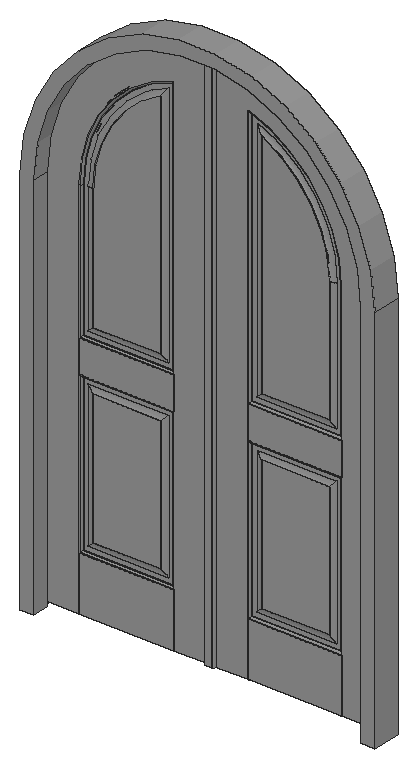
Revit family "H2PAN 610 ARCH", category Doors, host Wall, Revit 2013
Parameters (values of type "H2PAN 610 ARCH")
  Function = Interior
  Frame Projection Ext. = 25 mm
  Frame Projection Int. = 25 mm
  Frame Width = 75 mm
  Height = 2090 mm
  Wall Closure = By host
  Width = 1306 mm
Reference planes
  plane 1: y = 0
  plane 2 "Center (Left/Right)": x = 0
  plane 3 "Left": x = -653
  plane 4 "Right": x = 653
  plane 5: z = 2090
  plane 6 "Exterior": y = 75
  plane 7 "Interior": y = -75
  plane 8 "Centre Frame": y = 0
Forms (mm)
  Sweep 1, solid, material "Lauan, Meranti"
    path in 3D
      loop
        line (-653, -75, 0) -> (-653, -75, 1437)
        arc (-653, -75, 1437) -> (0, -75, 2090) -> (653, -75, 1437) r 653
        line (653, -75, 1437) -> (653, -75, 0)
    profile origin (-653, -75, 718.5) x (0, -1, 0) y (1, 0, 0)
      loop
        line (-127.5, 0) -> (-22.5, 0) -> (-22.5, 50) -> (-82.5, 50) -> (-82.5, 38) -> (-127.5, 38) -> (-127.5, 0)
  Extrusion 2, solid, material "Lauan, Meranti"
    sketch origin (208.5, -85, 0) x (0, 1, 0) y (0, 0, 1)
      loop
        line (132.5, 20) -> (132.5, 221) -> (130.5, 221)
        arc (130.5, 221) -> (128.866, 225.67) -> (124.5, 228) r 6.807
        line (124.5, 228) -> (124.5, 230) -> (122.5, 230) -> (122.5, 215) -> (102.5, 215) -> (102.5, 230) -> (100.5, 230) -> (100.5, 228)
        arc (100.5, 228) -> (96.134, 225.67) -> (94.5, 221) r 6.807
        line (94.5, 221) -> (92.5, 221) -> (92.5, 20) -> (132.5, 20)
      loop
        line (132.5, 809) -> (132.5, 931) -> (130.5, 931)
        arc (130.5, 931) -> (128.866, 935.67) -> (124.5, 938) r 6.807
        line (124.5, 938) -> (124.5, 940) -> (122.5, 940) -> (122.5, 925) -> (102.5, 925) -> (102.5, 940) -> (100.5, 940) -> (100.5, 938)
        arc (100.5, 938) -> (96.134, 935.67) -> (94.5, 931) r 6.807
        line (94.5, 931) -> (92.5, 931) -> (92.5, 809) -> (94.5, 809)
        arc (94.5, 809) -> (96.134, 804.33) -> (100.5, 802) r 6.807
        line (100.5, 802) -> (100.5, 800) -> (102.5, 800) -> (102.5, 815) -> (122.5, 815) -> (122.5, 800) -> (124.5, 800) -> (124.5, 802)
        arc (124.5, 802) -> (128.866, 804.33) -> (130.5, 809) r 6.807
        line (130.5, 809) -> (132.5, 809)
    from -72.5 to 275.5
  Sweep 3, solid, material "Lauan, Meranti"
    path origin (-97.667, 75, 0) x (1, 0, 0) y (0, 0, 1)
      loop
        line (581.667, 931) -> (581.667, 1437)
        arc (581.667, 1437) -> (485.016, 1727.2) -> (233.667, 1901.5) r 484
        line (233.667, 1901.5) -> (233.667, 931) -> (581.667, 931)
    profile origin (484, 75, 1184) x (-1, 0, 0) y (0, -1, 0)
      loop
        line (-4.5, 57.5) -> (-4.5, 37.5) -> (25.727, 37.5)
        arc (25.727, 37.5) -> (37.468, 35.847) -> (48.5, 31.5) r 50.456
        line (48.5, 31.5) -> (48.5, 63.5)
        arc (48.5, 63.5) -> (37.468, 59.153) -> (25.727, 57.5) r 50.456
        line (25.727, 57.5) -> (-4.5, 57.5)
  Sweep 4, solid, material "Lauan, Meranti"
    path origin (208.5, 75, 0) x (1, 0, 0) y (0, 0, 1)
      loop
        line (275.5, 809) -> (-72.5, 809) -> (-72.5, 221) -> (275.5, 221) -> (275.5, 809)
    profile origin (310, 75, 809) x (0, 0, -1) y (0, -1, 0)
      loop
        line (-4.5, 57.5) -> (-4.5, 37.5) -> (25.727, 37.5)
        arc (25.727, 37.5) -> (37.468, 35.847) -> (48.5, 31.5) r 50.456
        line (48.5, 31.5) -> (48.5, 63.5)
        arc (48.5, 63.5) -> (37.468, 59.153) -> (25.727, 57.5) r 50.456
        line (25.727, 57.5) -> (-4.5, 57.5)
  Extrusion 5, solid, material "Lauan, Meranti"
    sketch origin (208.5, 75, 0) x (1, 0, 0) y (0, 0, 1)
      loop
        line (227, 760.5) -> (-24, 760.5) -> (-24, 269.5) -> (227, 269.5) -> (227, 760.5)
    from 31.5 to 63.5
  Extrusion 6, solid, material "Lauan, Meranti"
    sketch origin (208.5, 75, 715) x (1, 0, 0) y (0, 0, 1)
      loop
        line (227, 264.5) -> (227, 722)
        arc (227, 722) -> (158.93, 955.785) -> (-24, 1116.487) r 435.5
        line (-24, 1116.487) -> (-24, 264.5) -> (227, 264.5)
    from 31.5 to 63.5
  Sweep 7, solid, material "Lauan, Meranti"
    path origin (220.5, -20, 0) x (1, 0, 0) y (0, 0, 1)
      loop
        line (-215.5, 20) -> (-215.5, 2051.98)
        arc (-215.5, 2051.98) -> (216.135, 1870.099) -> (394.5, 1437) r 615
        line (394.5, 1437) -> (394.5, 20)
    profile origin (5, -20, 1035.99) x (-1, 0, 0) y (0, -1, 0)
      loop
        line (0, -27.5) -> (-131, -27.5) -> (-131, -29.5)
        arc (-131, -29.5) -> (-135.735, -31.06) -> (-138, -35.5) r 6.549
        line (-138, -35.5) -> (-140, -35.5) -> (-140, -37.5) -> (-125, -37.5) -> (-125, -57.5) -> (-140, -57.5) -> (-140, -59.5) -> (-138, -59.5)
        arc (-138, -59.5) -> (-135.735, -63.94) -> (-131, -65.5) r 6.549
        line (-131, -65.5) -> (-131, -67.5) -> (0, -67.5) -> (0, -27.5)
  Extrusion 8, solid, material "Lauan, Meranti"
    sketch origin (0, 0, 0) x (1, 0, 0) y (0, 1, 0)
      loop
        line (-12, -2.5) -> (12, -2.5) -> (12, -0.5)
        arc (12, -0.5) -> (17.657, 1.843) -> (20, 7.5) r 8
        line (20, 7.5) -> (5, 7.5) -> (5, 39.5)
        spline (5, 39.5) -> (4.83, 42.088) -> (4.33, 44.5) -> (3.536, 46.571) -> (2.5, 48.16) -> (1.294, 49.159) -> (0, 49.5) -> (-1.294, 49.159) -> (-2.5, 48.16) -> (-3.536, 46.571) -> (-4.33, 44.5) -> (-4.83, 42.088) -> (-5, 39.5)
        line (-5, 39.5) -> (-5, 7.5) -> (-20, 7.5)
        arc (-20, 7.5) -> (-17.657, 1.843) -> (-12, -0.5) r 8
        line (-12, -0.5) -> (-12, -2.5)
    from 20 to 2040
  Extrusion 9, solid, material "Lauan, Meranti"
    sketch origin (0, 0, 1802) x (1, 0, 0) y (0, 1, 0)
      loop
        spline (5, 39.5) -> (4.83, 42.088) -> (4.33, 44.5) -> (3.536, 46.571) -> (2.5, 48.16) -> (1.294, 49.159) -> (0, 49.5) -> (-1.294, 49.159) -> (-2.5, 48.16) -> (-3.536, 46.571) -> (-4.33, 44.5) -> (-4.83, 42.088) -> (-5, 39.5)
        line (-5, 39.5) -> (-5, 7.5) -> (5, 7.5) -> (5, 39.5)
    from 238 to 250
  Extrusion 10, solid, material "Lauan, Meranti"
    sketch origin (-208.5, -85, 0) x (0, 1, 0) y (0, 0, -1)
      loop
        line (132.5, -20) -> (92.5, -20) -> (92.5, -221) -> (94.5, -221)
        arc (94.5, -221) -> (96.134, -225.67) -> (100.5, -228) r 6.807
        line (100.5, -228) -> (100.5, -230) -> (102.5, -230) -> (102.5, -215) -> (122.5, -215) -> (122.5, -230) -> (124.5, -230) -> (124.5, -228)
        arc (124.5, -228) -> (128.866, -225.67) -> (130.5, -221) r 6.807
        line (130.5, -221) -> (132.5, -221) -> (132.5, -20)
      loop
        line (132.5, -809) -> (130.5, -809)
        arc (130.5, -809) -> (128.866, -804.33) -> (124.5, -802) r 6.807
        line (124.5, -802) -> (124.5, -800) -> (122.5, -800) -> (122.5, -815) -> (102.5, -815) -> (102.5, -800) -> (100.5, -800) -> (100.5, -802)
        arc (100.5, -802) -> (96.134, -804.33) -> (94.5, -809) r 6.807
        line (94.5, -809) -> (92.5, -809) -> (92.5, -931) -> (94.5, -931)
        arc (94.5, -931) -> (96.134, -935.67) -> (100.5, -938) r 6.807
        line (100.5, -938) -> (100.5, -940) -> (102.5, -940) -> (102.5, -925) -> (122.5, -925) -> (122.5, -940) -> (124.5, -940) -> (124.5, -938)
        arc (124.5, -938) -> (128.866, -935.67) -> (130.5, -931) r 6.807
        line (130.5, -931) -> (132.5, -931) -> (132.5, -809)
    from -72.5 to 275.5
  Sweep 11, solid, material "Lauan, Meranti"
    path origin (97.667, 75, 0) x (-1, 0, 0) y (0, 0, -1)
      loop
        line (581.667, -931) -> (233.667, -931) -> (233.667, -1901.5)
        arc (233.667, -1901.5) -> (485.016, -1727.2) -> (581.667, -1437) r 484
        line (581.667, -1437) -> (581.667, -931)
    profile origin (-484, 75, 1184) x (-1, 0, 0) y (0, -1, 0)
      loop
        line (4.5, 57.5) -> (-25.727, 57.5)
        arc (-25.727, 57.5) -> (-37.468, 59.153) -> (-48.5, 63.5) r 50.456
        line (-48.5, 63.5) -> (-48.5, 31.5)
        arc (-48.5, 31.5) -> (-37.468, 35.847) -> (-25.727, 37.5) r 50.456
        line (-25.727, 37.5) -> (4.5, 37.5) -> (4.5, 57.5)
  Sweep 12, solid, material "Lauan, Meranti"
    path origin (-208.5, 75, 0) x (-1, 0, 0) y (0, 0, -1)
      loop
        line (275.5, -809) -> (275.5, -221) -> (-72.5, -221) -> (-72.5, -809) -> (275.5, -809)
    profile origin (-310, 75, 809) x (0, 0, 1) y (0, -1, 0)
      loop
        line (4.5, 57.5) -> (-25.727, 57.5)
        arc (-25.727, 57.5) -> (-37.468, 59.153) -> (-48.5, 63.5) r 50.456
        line (-48.5, 63.5) -> (-48.5, 31.5)
        arc (-48.5, 31.5) -> (-37.468, 35.847) -> (-25.727, 37.5) r 50.456
        line (-25.727, 37.5) -> (4.5, 37.5) -> (4.5, 57.5)
  Extrusion 13, solid, material "Lauan, Meranti"
    sketch origin (-208.5, 75, 0) x (-1, 0, 0) y (0, 0, -1)
      loop
        line (227, -760.5) -> (227, -269.5) -> (-24, -269.5) -> (-24, -760.5) -> (227, -760.5)
    from 31.5 to 63.5
  Extrusion 14, solid, material "Lauan, Meranti"
    sketch origin (-208.5, 75, 715) x (-1, 0, 0) y (0, 0, -1)
      loop
        line (227, -264.5) -> (-24, -264.5) -> (-24, -1116.487)
        arc (-24, -1116.487) -> (158.93, -955.785) -> (227, -722) r 435.5
        line (227, -722) -> (227, -264.5)
    from 31.5 to 63.5
  Sweep 15, solid, material "Lauan, Meranti"
    path origin (-220.5, -20, 0) x (-1, 0, 0) y (0, 0, -1)
      loop
        line (-215.5, -20) -> (-215.5, -2051.98)
        arc (-215.5, -2051.98) -> (216.135, -1870.099) -> (394.5, -1437) r 615
        line (394.5, -1437) -> (394.5, -20)
    profile origin (-5, -20, 1035.99) x (-1, 0, 0) y (0, -1, 0)
      loop
        line (0, -27.5) -> (0, -67.5) -> (131, -67.5) -> (131, -65.5)
        arc (131, -65.5) -> (135.735, -63.94) -> (138, -59.5) r 6.549
        line (138, -59.5) -> (140, -59.5) -> (140, -57.5) -> (125, -57.5) -> (125, -37.5) -> (140, -37.5) -> (140, -35.5) -> (138, -35.5)
        arc (138, -35.5) -> (135.735, -31.06) -> (131, -29.5) r 6.549
        line (131, -29.5) -> (131, -27.5) -> (0, -27.5)
Cuts and joins
  joined: Extrusion 8, Extrusion 9
Lines and regions (mm)
  Opening 1
    outline origin (-5000, -75, 0) x (1, 0, 0) y (0, 0, 1)
      loop
        line (5653, 0) -> (5653, 1437)
        arc (5653, 1437) -> (5000, 2090) -> (4347, 1437) r 653
        line (4347, 1437) -> (4347, 0) -> (5653, 0)
  symbolic lines, style "Elevation Swing"
    curve 1: line (0, -75, 1045) -> (-504.23, -75, 1851.923)
    curve 2: line (0, -75, 1045) -> (-653, -75, 0)
    curve 3: line (0, -75, 1045) -> (504.23, -75, 1851.923)
    curve 4: line (0, -75, 1045) -> (653, -75, 0)
  sketch lines
    curve 5: line (-653, -75, 0) -> (-653, -75, 1437)
    curve 6: arc (653, -75, 1437) -> (0, -75, 2090) -> (-653, -75, 1437) r 653
    curve 7: line (653, -75, 1437) -> (653, -75, 0)
  model lines
    curve 8: line (-615, 52.5, 0) -> (-615, 667.5, 0)
    curve 9: arc (-615, 667.5, 0) -> (-180.129, 487.371, 0) -> (0, 52.5, 0) r 615
    curve 10: line (615, 52.5, 0) -> (615, 667.5, 0)
    curve 11: arc (615, 667.5, 0) -> (180.129, 487.371, 0) -> (0, 52.5, 0) r 615
Text (mm)
  text "Exterior" at (-2295.016, 1099.543, 0), in view "Ref. Level"
  text "Exterior" at (0, 1615.38, 3698.081), in view "Left"
  text "Exterior" at (0, 1036.032, 3874.932), in view "Right"
Dimensions and locks
  equal spacing: plane 3 "Left", plane 2 "Center (Left/Right)", plane 4 "Right"  (x2)
  plane 3 "Left" to plane 4 "Right" = 1306 mm  (x3)
  "Height": plane 5 to host wall
  equal spacing: host wall, curve 2, plane 5
  host wall to plane 5 = 2090 mm
  locked: plane 6 "Exterior" to host wall at 0
  locked: plane 7 "Interior" to host wall
  aligned and locked: plane 3 "Left" to curve 2
  aligned and locked: plane 1 to host wall
Automatic sketch dimensions
  curve 2 to plane 2 "Center (Left/Right)" = 0 mm
  curve 2 to level = 0 mm
  plane 5 to curve 1 = 238.077 mm
  curve 1 to plane 3 "Left" = 148.77 mm
  curve 4 to plane 2 "Center (Left/Right)" = 0 mm
  level to curve 4 = 1045 mm
  curve 4 to level = 0 mm
  plane 4 "Right" to curve 4 = 0 mm
  plane 4 "Right" to curve 3 = 148.77 mm
  plane 5 to curve 3 = 238.077 mm
  Opening 1 sketch curve to level = 0 mm
  plane 3 "Left" to Opening 1 sketch curve = 0 mm
  plane 4 "Right" to Opening 1 sketch curve = 0 mm
  plane 5 to Opening 1 sketch curve = 653 mm
  Sweep 1 sketch curve to profile plane = 0 mm
  profile plane to Sweep 1 sketch curve = 127.5 mm
  profile plane to Sweep 1 sketch curve = 38 mm
  Sweep 1 sketch curve to Sweep 1 sketch curve = 45 mm
  profile plane to Sweep 1 sketch curve = 22.5 mm
  profile plane to Sweep 1 sketch curve = 50 mm
  curve 8 to plane 3 "Left" = 38 mm
  host wall to curve 8 = 592.5 mm
  curve 11 to plane 2 "Center (Left/Right)" = 0 mm
  curve 9 to plane 2 "Center (Left/Right)" = 0 mm
  plane 4 "Right" to curve 10 = 38 mm
  host wall to curve 10 = 592.5 mm
  curve 10 to curve 11 = 0 mm
  curve 8 to curve 9 = 0 mm
  Extrusion 2 sketch curve to host wall = 7.5 mm  (x2)
  level to Extrusion 2 sketch curve = 20 mm
  Extrusion 2 sketch curve to Extrusion 2 sketch curve = 2 mm  (x14)
  Extrusion 2 sketch curve to Extrusion 2 sketch curve = 6 mm  (x10)
  Extrusion 2 sketch curve to Extrusion 2 sketch curve = 8 mm  (x2)
  Extrusion 2 sketch curve to Extrusion 2 sketch curve = 20 mm  (x3)
  Extrusion 2 sketch curve to host wall = 27.5 mm
  Extrusion 2 sketch curve to Extrusion 2 sketch curve = 1.197 mm  (x6)
  Extrusion 2 sketch curve to Extrusion 2 sketch curve = 195 mm
  Extrusion 2 sketch curve to Extrusion 2 sketch curve = 7 mm  (x6)
  Extrusion 2 sketch curve to Extrusion 2 sketch curve = 570 mm
  Extrusion 2 sketch curve to Extrusion 2 sketch curve = 0 mm
  Extrusion 2 sketch curve to Extrusion 2 sketch curve = 6.241 mm
  Extrusion 2 sketch curve to Extrusion 2 sketch curve = 110 mm
  plane 2 "Center (Left/Right)" to Sweep 3 sketch curve = 136 mm
  level to Sweep 3 sketch curve = 931 mm
  Sweep 3 sketch curve to plane 2 "Center (Left/Right)" = 0 mm
  plane 4 "Right" to Sweep 3 sketch curve = 169 mm
  Sweep 3 sketch curve to Sweep 3 sketch curve = 506 mm
  profile plane to Sweep 3 sketch curve = 4.5 mm
  profile plane to Sweep 3 sketch curve = 31.5 mm
  Sweep 3 sketch curve to profile plane = 25.727 mm
  Sweep 3 sketch curve to Sweep 3 sketch curve = 0 mm
  Sweep 3 sketch curve to Sweep 3 sketch curve = 22.773 mm
  Sweep 3 sketch curve to profile plane = 24.613 mm  (x2)
  Sweep 3 sketch curve to Sweep 3 sketch curve = 6 mm  (x2)
  Sweep 3 sketch curve to Sweep 3 sketch curve = 20 mm
  plane 2 "Center (Left/Right)" to Sweep 4 sketch curve = 136 mm
  level to Sweep 4 sketch curve = 221 mm
  plane 4 "Right" to Sweep 4 sketch curve = 169 mm
  Sweep 4 sketch curve to Sweep 4 sketch curve = 588 mm
  profile plane to Sweep 4 sketch curve = 4.5 mm
  profile plane to Sweep 4 sketch curve = 31.5 mm
  Sweep 4 sketch curve to profile plane = 25.727 mm
  Sweep 4 sketch curve to Sweep 4 sketch curve = 0 mm
  Sweep 4 sketch curve to Sweep 4 sketch curve = 22.773 mm
  Sweep 4 sketch curve to profile plane = 24.613 mm  (x2)
  profile plane to Sweep 4 sketch curve = 37.5 mm
  Sweep 4 sketch curve to Sweep 4 sketch curve = 20 mm
  Sweep 4 sketch curve to Sweep 4 sketch curve = 6 mm
  plane 2 "Center (Left/Right)" to Extrusion 5 sketch curve = 184.5 mm
  level to Extrusion 5 sketch curve = 269.5 mm
  plane 4 "Right" to Extrusion 5 sketch curve = 217.5 mm
  Extrusion 5 sketch curve to Extrusion 5 sketch curve = 491 mm
  plane 2 "Center (Left/Right)" to Extrusion 6 sketch curve = 184.5 mm
  level to Extrusion 6 sketch curve = 979.5 mm
  Extrusion 6 sketch curve to plane 2 "Center (Left/Right)" = 0 mm
  plane 4 "Right" to Extrusion 6 sketch curve = 217.5 mm
  Extrusion 6 sketch curve to Extrusion 6 sketch curve = 457.5 mm
  plane 2 "Center (Left/Right)" to Sweep 7 sketch curve = 5 mm
  plane 4 "Right" to Sweep 7 sketch curve = 38 mm
  plane 5 to Sweep 7 sketch curve = 653 mm
  Sweep 7 sketch curve to plane 2 "Center (Left/Right)" = 0 mm
  level to Sweep 7 sketch curve = 20 mm  (x2)
  Sweep 7 sketch curve to profile plane = 0 mm
  Sweep 7 sketch curve to profile plane = 67.5 mm
  Sweep 7 sketch curve to profile plane = 37.5 mm
  profile plane to Sweep 7 sketch curve = 125 mm
  Sweep 7 sketch curve to Sweep 7 sketch curve = 6 mm  (x4)
  Sweep 7 sketch curve to Sweep 7 sketch curve = 7 mm  (x2)
  Sweep 7 sketch curve to Sweep 7 sketch curve = 2 mm  (x5)
  Sweep 7 sketch curve to Sweep 7 sketch curve = 0.473 mm
  Sweep 7 sketch curve to Sweep 7 sketch curve = 6.527 mm
  Sweep 7 sketch curve to profile plane = 27.5 mm
  Extrusion 8 sketch curve to host wall = 7.5 mm
  Extrusion 8 sketch curve to plane 2 "Center (Left/Right)" = 20 mm
  host wall to Extrusion 8 sketch curve = 2.5 mm
  Extrusion 8 sketch curve to plane 2 "Center (Left/Right)" = 0 mm
  host wall to Extrusion 8 sketch curve = 0.5 mm  (x2)
  Extrusion 8 sketch curve to plane 2 "Center (Left/Right)" = 5 mm
  plane 2 "Center (Left/Right)" to Extrusion 8 sketch curve = 12 mm
  Extrusion 8 sketch curve to Extrusion 8 sketch curve = 8 mm
  Extrusion 8 sketch curve to Extrusion 8 sketch curve = 32 mm
  Extrusion 9 sketch curve to plane 2 "Center (Left/Right)" = 5 mm
  Extrusion 9 sketch curve to host wall = 7.5 mm
  Extrusion 9 sketch curve to plane 2 "Center (Left/Right)" = 0 mm
  Extrusion 9 sketch curve to Extrusion 9 sketch curve = 32 mm
  Extrusion 10 sketch curve to host wall = 7.5 mm  (x2)
  Extrusion 10 sketch curve to host wall = 35.5 mm
  level to Extrusion 10 sketch curve = 940 mm
  Extrusion 10 sketch curve to Extrusion 10 sketch curve = 2 mm  (x14)
  Extrusion 10 sketch curve to Extrusion 10 sketch curve = 6 mm  (x8)
  Extrusion 10 sketch curve to Extrusion 10 sketch curve = 8 mm  (x2)
  Extrusion 10 sketch curve to Extrusion 10 sketch curve = 20 mm  (x2)
  Extrusion 10 sketch curve to host wall = 27.5 mm
  Extrusion 10 sketch curve to Extrusion 10 sketch curve = 1.197 mm  (x6)
  Extrusion 10 sketch curve to Extrusion 10 sketch curve = 0 mm  (x2)
  Extrusion 10 sketch curve to Extrusion 10 sketch curve = 7 mm  (x6)
  Extrusion 10 sketch curve to Extrusion 10 sketch curve = 6.241 mm  (x2)
  Extrusion 10 sketch curve to Extrusion 10 sketch curve = 110 mm
  level to Extrusion 10 sketch curve = 230 mm
  level to Extrusion 10 sketch curve = 20 mm
  Sweep 11 sketch curve to plane 2 "Center (Left/Right)" = 136 mm
  plane 5 to Sweep 11 sketch curve = 188.5 mm
  Sweep 11 sketch curve to plane 2 "Center (Left/Right)" = 0 mm
  Sweep 11 sketch curve to plane 3 "Left" = 169 mm
  Sweep 11 sketch curve to Sweep 11 sketch curve = 506 mm
  profile plane to Sweep 11 sketch curve = 48.5 mm
  profile plane to Sweep 11 sketch curve = 31.5 mm
  Sweep 11 sketch curve to Sweep 11 sketch curve = 22.773 mm
  Sweep 11 sketch curve to Sweep 11 sketch curve = 0 mm
  Sweep 11 sketch curve to profile plane = 4.5 mm
  profile plane to Sweep 11 sketch curve = 24.613 mm  (x2)
  Sweep 11 sketch curve to Sweep 11 sketch curve = 6 mm  (x2)
  Sweep 11 sketch curve to Sweep 11 sketch curve = 20 mm
  Sweep 12 sketch curve to plane 2 "Center (Left/Right)" = 136 mm
  level to Sweep 12 sketch curve = 809 mm
  Sweep 12 sketch curve to plane 3 "Left" = 169 mm
  level to Sweep 12 sketch curve = 221 mm
  profile plane to Sweep 12 sketch curve = 48.5 mm
  profile plane to Sweep 12 sketch curve = 31.5 mm
  Sweep 12 sketch curve to Sweep 12 sketch curve = 22.773 mm
  Sweep 12 sketch curve to Sweep 12 sketch curve = 0 mm
  Sweep 12 sketch curve to profile plane = 4.5 mm
  profile plane to Sweep 12 sketch curve = 24.613 mm  (x2)
  profile plane to Sweep 12 sketch curve = 37.5 mm
  Sweep 12 sketch curve to Sweep 12 sketch curve = 20 mm
  Sweep 12 sketch curve to Sweep 12 sketch curve = 6 mm
  Extrusion 13 sketch curve to plane 2 "Center (Left/Right)" = 184.5 mm
  level to Extrusion 13 sketch curve = 760.5 mm
  Extrusion 13 sketch curve to plane 3 "Left" = 217.5 mm
  level to Extrusion 13 sketch curve = 269.5 mm
  Extrusion 14 sketch curve to plane 2 "Center (Left/Right)" = 184.5 mm
  plane 5 to Extrusion 14 sketch curve = 258.513 mm
  Extrusion 14 sketch curve to plane 2 "Center (Left/Right)" = 0 mm
  Extrusion 14 sketch curve to plane 3 "Left" = 217.5 mm
  Extrusion 14 sketch curve to Extrusion 14 sketch curve = 457.5 mm
  Sweep 15 sketch curve to plane 2 "Center (Left/Right)" = 5 mm
  plane 5 to Sweep 15 sketch curve = 38.02 mm
  Sweep 15 sketch curve to plane 2 "Center (Left/Right)" = 0 mm
  Sweep 15 sketch curve to plane 3 "Left" = 38 mm
  level to Sweep 15 sketch curve = 20 mm  (x2)
  Sweep 15 sketch curve to profile plane = 0 mm
  Sweep 15 sketch curve to profile plane = 67.5 mm
  Sweep 15 sketch curve to profile plane = 37.5 mm
  Sweep 15 sketch curve to profile plane = 125 mm
  Sweep 15 sketch curve to Sweep 15 sketch curve = 6 mm  (x4)
  Sweep 15 sketch curve to Sweep 15 sketch curve = 7 mm  (x2)
  Sweep 15 sketch curve to Sweep 15 sketch curve = 2 mm  (x5)
  Sweep 15 sketch curve to Sweep 15 sketch curve = 6.527 mm  (x2)
  Sweep 15 sketch curve to profile plane = 27.5 mm
